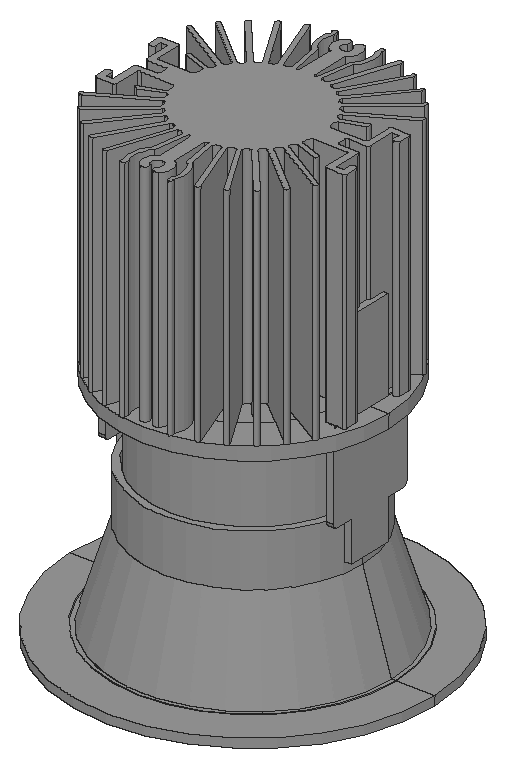
Revit family "Artemide_Everything_80", category Lighting Fixtures, Revit 2018
Family settings
  Round Connector Dimension = Use Diameter
  Part Type = Normal
  Work Plane-Based = Yes
  Always vertical = Yes
  Cut with Voids When Loaded = Yes
  Light Source = Yes
  Shared = No
  Room Calculation Point = No
Parameters (values of type "Everything_80_Round_Trim_23°_3000K_White/White_M251020")
  Wattage = 13 W
  built-in parameter 1150110 = 1 (stored number, unit not read)
  Voltage = "-"
  V_TrimlessSquare = no
  V_TrimlessRound = no
  V_TrimSquare = no
  V_TrimRound = yes
  V_Square = no
  V_Round = yes
  built-in parameter 1114217 = 1 (stored number, unit not read)
  Tilt Angle = 60.00°
  built-in parameter 1150109 = 1 (stored number, unit not read)
  built-in parameter 1150134 = (empty or 0)
  built-in parameter 1150113 = 1 (stored number, unit not read)
  Radius_RoundVoidReal = if(V_Square, 0.3 mm, Radius_RoundVoid)  # 31.6 mm
  Radius_RoundVoid = 31.6 mm
  Product Range = "Everything"
  Photometric Web File = "M251020.IES"
  Min Angle Light [instance] = 60.00°  # constant formula
  Max Height from ceiling = 0 mm
  Max Angle Light [instance] = 120.00°  # constant formula
  M_TrimlessElement = Artemide_Aluminum_Anodized
  M_Trim = Artemide_Aluminum_White
  M_StructuralHousing = Artemide_Aluminum_Black
  M_Louvre = Artemide_Aluminum_White
  M_HousingLed = Artemide_Aluminum_White
  M_Diffuser = Artemide_Glass_LightBulb
  built-in parameter 1150105 = 84.509 (stored number, unit not read)
  Lumens = 1061.97 lm
  built-in parameter 1150115 = 1 (stored number, unit not read)
  built-in parameter 1150137 = (empty or 0)
  built-in parameter 1150139 = (empty or 0)
  built-in parameter 1150112 = 1 (stored number, unit not read)
  built-in parameter 1150114 = 1 (stored number, unit not read)
  built-in parameter 1150132 = (empty or 0)
  built-in parameter 1150102 = (empty or 0)
  built-in parameter 1150107 = 3000 (stored number, unit not read)
  built-in parameter 1150138 = (empty or 0)
  built-in parameter 1150106 = 0.84509 (stored number, unit not read)
  IfcExportType = "NOT DEFINED"  # constant formula
  IfcExportAs = "IfcLightFixtureType"  # constant formula
  Weekly = "-"
  Warranty ID = "https://cloud.artemide.com/5-years-warranty"
  Upward Component  = 0
  Unified Glare Rating  = "-"
  Uniclass 2015 = "Pr_70_70_48"  # constant formula
  URL to O&M Manual = "https://www.artemide.com/contents/documenti/prodotto/everything_80_trim_instructions4367641.pdf"
  URL to Energy Technology List = "-"
  Trim Material = "Aluminium"
  Trim Finish = "Painted"
  Trim Colour  = "White"
  Total Power = 0
  Total Light Output  = 0
  Testing method = "-"
  Supply Phase = 0
  Suitable for Photocell Control = "-"
  Suitable for Motion Detector Control = "N"
  Suitable for Dimming  = "-"
  Suitable Dimmer Type = "-"
  Standards = "-"
  Shipping Weight = 0
  Service life  = "-"
  Secondary Rated Lamp Life = 0
  Secondary Lamp Voltage = 0
  Secondary Lamp International Type Code = "-"
  Secondary Lamp Initial Lumens  = 0
  Secondary Lamp Included = "-"
  Secondary Lamp Efficacy = 0
  Secondary Lamp Colour Temperature = 0
  Secondary Lamp Colour Rendering Index = 0
  Secondary Lamp Cap = "-"
  Secondary Lamp = "N"
  Responsible Sourcing of Materials = "-"
  Responsible Extraction of Materials = "-"
  Reflector Material = "-"
  Reflector Finish = "-"
  Rated Lamp Life = 50000
  Quarterly = "-"
  Product Model Number = "M278620"
  Product Literature = "https://www.artemide.com/it/subfamily/2380637/everything-80-trim"
  Primary Lamp Type = "LED"
  Power Supply Kit = "-"
  Power Factor = 0
  Photocell = "-"
  Overall Width = 0
  Overall Light Output Ratio = 0
  Overall Length = 80
  Overall Height = 115
  Output Lumens Indirect light = 0
  Output Lumens Direct light = 1062
  Number of Secondary Lamps = 0
  Number of Primary Lamps = 1
  Number of Poles = 0
  Motion Sensor = "-"
  Motion Detector = "-"
  Monthly = "-"
  Minimum Operating Temperature = 0
  Maximum Operating Temperature = 0
  Material Ingredient Reporting = "-"
  Manufacturer Website = "https://www.artemide.com"
  Manufacturer = "Artemide"
  Maintenance Required: 8001-12000hrs  = "-"
  Maintenance Required: 601-1000hrs = "-"
  Maintenance Required: 4001-8000hrs  = "-"
  Maintenance Required: 301-600hrs  = "-"
  Maintenance Required: 2001-4000hrs  = "-"
  Maintenance Required: 1001-2000hrs  = "-"
  Maintenance Required: 0-300hrs  = "-"
  Luminance at 65deg Angle = 0
  Luminaire Type = "Floodlight"
  Luminaire Maintenance Factor = 0
  Luminaire Cleaning Interval  = "-"
  Louvre/Lens = "-"
  Location of Manufacturer = "-"
  Light Output Pattern = "-"
  Light Fixture Mounting Type = "Recessed"
  Life Cycle Analysis = "-"
  Lamp Survival Factor = "-"
  Lamp Replacement Interval = "-"
  Lamp Included = "Y"
  Lamp Holder Material = "-"
  Lamp Cap = "LED Integrated"
  LED lifetime = 50000
  LED Maintained Colour Variation         = 0
  LED Initial Colour Variation                      = 0
  International Type Code = "-"
  Intended Market = "Unset"
  Integral Fuse or Circuit Protection  = "-"
  Integral Emergency Lighting Battery Type = "-"
  Input Lumens Indirect light = 0
  Input Lumens Direct light = 1390
  Initial Lumens = 1062
  Infills = "-"
  IP Rating = "IP20/44"
  IK Rating = "-"
  IES Files  = "https://www.artemide.com/product/downloadFile/2381452/ieseu/4916929"
  Housing Material = "Aluminium"
  Housing Finish  = "Painted"
  Housing Colour  = "White"
  Hazardous Area Protection Type = "-"
  Hazardous Area Category = "-"
  Gross Weight = 0
  Green Guide for Specification = "-"
  Gasket Material = "-"
  Frequency  = 0
  Fixings = "-"
  Fixing Material = "-"
  Fire Shroud = "-"
  Fire Rating Duration = 0
  Fire Rated Temperature = 0
  Fire Rated = "-"
  Features = "Any additional components/accessories included in this file are required to complete the product/configuration and must be ordered separately.Please check the catalogue/dedicated brochure for more information"
  Face Width = 0
  Face Shape = "Round"
  Face Length = 0
  External Control Line Voltage = 0
  Expected Life = "-"
  Environmental Product Declaration = "-"
  End Caps/Transition Caps/Joints = "-"
  Emit from Circle Diameter = 38 mm
  Emit Shape Visible in Rendering = no
  Emergency light output percentage = 0
  Emergency Lighting Battery = "-"
  Emergency Charging Power       = 0
  Emergency = "N"
  Embodied Carbon  = 0
  Efficiency = 76
  built-in parameter 1150104 = 7.5892 (stored number, unit not read)
  Earth Point  = "-"
  ENEC Certification of European conformity = "N"
  Duration of Integral Emergency Lighting  = 0
  Drive Current                                          = 0
  Downward Component = 0
  Distance_SquareVoidReal = if(V_Round, 0.8 mm, Distance_SquareVoid)  # 0.8 mm
  Distance_SquareVoid = 63.2 mm
  Dimming Lamp Color Temperature Shift = <None>
  Diffusing screen = "-"
  Diffuser Material  = "-"
  Diffuser Finish = "-"
  Designed by = "Ernesto Gismondi"
  Default Elevation = 1219.2 mm
  Daylight Sensor = "-"
  Daily = "-"
  Cut Out Width = 60
  Cut Out Length = 115
  Current  = 0
  Control Gear Type = "-"
  Control Gear Standby Power  = 0
  Control Gear Required = "-"
  Control Gear Location = "-"
  Column = "-"
  Colour Temperature = 3000
  Colour Rendering Index = 90
  Color Filter = 16777215
  Cable Material = "-"
  CE Approval = "Y"
  Bespoke Timeframe = "-"
  Beam Angle Transverse Axis  = 0.00°
  Beam Angle Longditudinal Axis  = 0.00°
  Basis of lifetime luminaire failures        = 0
  Basis of lifetime lumen depreciation   = 0
  built-in parameter 1114218 = 1 (stored number, unit not read)
  built-in parameter 1150133 = 10 (stored number, unit not read)
  Application Environment = "Internal"
  Annually = "-"
  Angle_LightReal [instance] = if(not(Adjustable), 90.00°, Angle_LightRange)  # 90.00°
  Angle_LightRange [instance] = if(Angle_Light < Angle_LightMin, Min Angle Light, if(Angle_Light > Angle_LightMax, Max Angle Light, Angle_Light))  # 60.00°
  Angle_LightMin [instance] = Angle_LightMax - 60.00°  # 60.00°
  Angle_LightMax [instance] = 120.00°  # constant formula
  Angle_LightFixed [instance] = 90.00°  # constant formula
  Angle_Light [instance] = 60.00°
  Ambient Temperature                             = 0
  Air Handling = "-"
  Adjustable = no
  Access Clearance Top = 0
  Access Clearance Right = 0
  Access Clearance Rear = 0
  Access Clearance Left = 0
  Access Clearance Front = 0
  Access Clearance Bottom = 0
  6 Monthly = "-"
Reference planes
  plane 1 "Center (Front/Back)": y = 0
  plane 2: z = 0
  plane 3 "Center (Left/Right)": x = 0
  plane 4: y = 5
  plane 5: y = 10
  plane 6: y = -5
  plane 7: y = -10
  plane 8: y = 29
  plane 9: y = -29
  plane 10 "Bottom Lamp": z = -2
  plane 11 "Center L/T": z = 32
  plane 12 "Center L/U": z = 27
  plane 13 "Center L/V": z = 49
  plane 14 "Center L/W": z = 47.75
  plane 15 "Center L/X": z = 52
  plane 16 "Center L/Y": z = 102
  plane 17: x = -40.058
  plane 18: x = -24.311
  plane 19: x = -22.807
  plane 20: x = -21.057
  plane 21: x = -18.993
  plane 22: x = -30.058
  plane 23 "Center L/Z": z = 28
  plane 24: x = 40.058
  plane 25: x = 24.311
  plane 26: x = 22.807
  plane 27: x = 21.057
  plane 28: x = 18.993
  plane 29: x = 30.058
  plane 30: x = -31.558
  plane 31: x = 31.558
  plane 32: x = -22.382
  plane 33: x = 22.382
  plane 34 "Center L/BB": z = 50.5
  plane 35: x = -25.811
  plane 36: x = 25.811
  plane 37 "Center L/CC": z = 20.445
  plane 38 "Center L/DD": z = 72
  plane 39 "Center L/EE": z = 25.577
  plane 40: x = -29.002
  plane 41: x = 29.002
  plane 42: y = 23.75
  plane 43: y = -23.75
  plane 44: x = -23.752
  plane 45: x = 23.752
  plane 46 "Center L/GG": z = 23.071
  plane 47 "Center L/HH": z = 2.771
  plane 48: x = -33.788
  plane 49: x = -49.976
  plane 50: x = 33.788
  plane 51: x = 49.976
  plane 52: y = 31.6
  plane 53: y = -31.6
  plane 54 "Void": y = 0.4
  plane 55 "Void 2": y = -0.4
  plane 56 "Void 3": x = -0.4
  plane 57 "Void 4": x = 0.4
  plane 58 "Void 5": z = 1.971
Forms (mm)
  Revolve 1, solid, material "Artemide_Aluminum_White" <- "M_Louvre", visible <- "V_Round"
    sketch origin (0, 0, 0) x (1, 0, 0) y (0, 0, 1)
      loop
        line (-29.68, -2) -> (-21.057, 26) -> (-21.057, 27) -> (-22.807, 27) -> (-22.807, 32) -> (-24.311, 32) -> (-24.311, 20.445) -> (-30.607, 0) -> (-31.558, 0) -> (-31.558, -2) -> (-29.68, -2)
      axis (0, 32) -> (0, -2)
    angle from 0 to 360
  Revolve 2, solid, material "Artemide_Aluminum_White" <- "M_Trim", visible <- "V_TrimRound"
    sketch origin (0, 0, 0) x (1, 0, 0) y (0, 0, 1)
      loop
        line (-40.058, 0) -> (-40.058, -2) -> (-31.558, -2) -> (-31.558, 0) -> (-40.058, 0)
      axis (0, 0) -> (0, -2)
    angle from 0 to 360
  Revolve 3, solid, material "Artemide_Aluminum_White" <- "M_HousingLed"
    sketch origin (0, 0, 0) x (1, 0, 0) y (0, 0, 1)
      loop
        line (-30.058, 52) -> (-30.058, 49) -> (-22.382, 49) -> (-22.382, 27) -> (-18.993, 27) -> (-18.993, 30.4)
        arc (-18.993, 30.4) -> (-17.194, 40.205) -> (-10.678, 47.75) r 19.003
        line (-10.678, 47.75) -> (0, 47.75) -> (0, 50.5) -> (-22.058, 50.5) -> (-22.058, 52) -> (-30.058, 52)
      axis (0, 52) -> (0, 27)
    angle from 0 to 360
  Revolve 4, solid, material "Artemide_Glass_LightBulb" <- "M_Diffuser"
    sketch origin (0, 0, 0) x (1, 0, 0) y (0, 0, 1)
      loop
        line (-18.993, 28) -> (-18.993, 27) -> (0, 27) -> (0, 28) -> (-18.993, 28)
      axis (0, 28) -> (0, 27)
    angle from 0 to 360
  Extrusion 5, solid, material "Artemide_Aluminum_Black" <- "M_StructuralHousing"
    sketch origin (0, 0, 0) x (0, 1, 0) y (0, 0, 1)
      loop
        line (5, 72) -> (-5, 72) -> (-5, 52) -> (-9, 52)
        arc (-9, 52) -> (-9.707, 51.707) -> (-10, 51) r 1
        line (-10, 51) -> (-10, 33)
        arc (-10, 33) -> (-9.707, 32.293) -> (-9, 32) r 1
        line (-9, 32) -> (-5, 32) -> (-5, 23.071) -> (5, 23.071) -> (5, 32) -> (9.025, 32)
        arc (9.025, 32) -> (9.714, 32.286) -> (10, 32.975) r 0.975
        line (10, 32.975) -> (10, 51)
        arc (10, 51) -> (9.707, 51.707) -> (9, 52) r 1
        line (9, 52) -> (5, 52) -> (5, 72)
    from -25.811 to -24.311
  Extrusion 6, solid, material "Artemide_Aluminum_Black" <- "M_StructuralHousing"
    sketch origin (0, 0, 0) x (0, 1, 0) y (0, 0, -1)
      loop
        line (5, -72) -> (5, -52) -> (9, -52)
        arc (9, -52) -> (9.707, -51.707) -> (10, -51) r 1
        line (10, -51) -> (10, -32.975)
        arc (10, -32.975) -> (9.714, -32.286) -> (9.025, -32) r 0.975
        line (9.025, -32) -> (5, -32) -> (5, -23.071) -> (-5, -23.071) -> (-5, -32) -> (-9, -32)
        arc (-9, -32) -> (-9.707, -32.293) -> (-10, -33) r 1
        line (-10, -33) -> (-10, -51)
        arc (-10, -51) -> (-9.707, -51.707) -> (-9, -52) r 1
        line (-9, -52) -> (-5, -52) -> (-5, -72) -> (5, -72)
    from -25.811 to -24.311
  Revolve 7, solid, material "Artemide_Aluminum_White" <- "M_Louvre", visible <- "V_Square"
    sketch origin (0, 0, 0) x (1, 0, 0) y (0, 0, 1)
      loop
        line (-24.311, 32) -> (-24.311, 25.577) -> (-22.807, 25.577) -> (-22.807, 32) -> (-24.311, 32)
      axis (0, 32) -> (0, 25.577)
    angle from 0 to 360
  Sweep 8, solid, material "Artemide_Aluminum_White" <- "M_Louvre", visible <- "V_Square"
    path origin (0, 0, -2) x (-1, 0, 0) y (0, -1, 0)
      loop
        line (29.002, -29) -> (29.002, 29) -> (-29.002, 29) -> (-29.002, -29) -> (29.002, -29)
    profile origin (0, 29, -2) x (0, 1, 0) y (0, 0, 1)
      loop
        line (2.558, 0) -> (2.558, 2) -> (1.309, 2)
        arc (1.309, 2) -> (0.154, 12.366) -> (-2.532, 22.445) r 69.857
        arc (-2.532, 22.445) -> (-3.696, 25.115) -> (-5.25, 27.577) r 19.187
        line (-5.25, 27.577) -> (-7.165, 27.577)
        arc (-7.165, 27.577) -> (-5.297, 24.913) -> (-3.948, 21.952) r 17.687
        arc (-3.948, 21.952) -> (-1.148, 11.132) -> (-0.147, 0) r 68.357
        line (-0.147, 0) -> (2.558, 0)
  Extrusion 9, solid, material "Artemide_Aluminum_White" <- "M_Louvre", visible <- "V_Square"
    sketch origin (0, 0, -2) x (-1, 0, 0) y (0, -1, 0)
      loop
        line (23.752, -23.75) -> (23.752, 23.75) -> (-23.752, 23.75) -> (-23.752, -23.75) -> (23.752, -23.75)
      loop
        circle (0, 0) r 18.993
    from 27.577 to 29
  Sweep 10, solid, material "Artemide_Aluminum_White" <- "M_Trim", visible <- "V_TrimSquare"
    path origin (0, 0, -2) x (-1, 0, 0) y (0, -1, 0)
      loop
        line (29.002, -29) -> (29.002, 29) -> (-29.002, 29) -> (-29.002, -29) -> (29.002, -29)
    profile origin (0, 29, -2) x (0, 1, 0) y (0, 0, 1)
      loop
        line (11.058, 2) -> (2.558, 2) -> (2.558, 0) -> (11.058, 0) -> (11.058, 2)
  Revolve 11, solid, material "Artemide_Aluminum_Anodized" <- "M_TrimlessElement", visible <- "V_TrimlessRound"
    sketch origin (0, 0, 0) x (1, 0, 0) y (0, 0, 1)
      loop
        line (-49.976, 1.971) -> (-31.558, 1.971) -> (-31.558, 23.071) -> (-33.788, 23.071) -> (-33.788, 2.771) -> (-49.976, 2.771) -> (-49.976, 1.971)
      axis (0, 23.071) -> (0, 1.971)
    angle from 0 to 360
  Sweep 12, solid, material "Artemide_Aluminum_Anodized" <- "M_TrimlessElement", visible <- "V_TrimlessSquare"
    path origin (0, 0, 0) x (1, 0, 0) y (0, 1, 0)
      loop
        line (-31.558, 31.6) -> (-31.558, -31.6) -> (31.558, -31.6) -> (31.558, 31.6) -> (-31.558, 31.6)
    profile origin (0, 31.6, 0) x (0, 1, 0) y (0, 0, 1)
      loop
        line (0, 1.971) -> (18.4, 1.971) -> (18.4, 2.771) -> (2.188, 2.771) -> (2.188, 23.071) -> (0, 23.071) -> (0, 1.971)
  Extrusion 13, void
    sketch origin (0, 0, 0) x (1, 0, 0) y (0, 1, 0)
      loop
        circle (0, 0) r 31.6
    from 0 to 102
  Extrusion 14, solid, material "Artemide_Aluminum_Black" <- "M_StructuralHousing"
    sketch origin (0, 0, 0) x (1, 0, 0) y (0, 1, 0)
      loop
        line (-1.599, 23.402) -> (-1.599, 15.37)
        arc (-1.599, 15.37) -> (-1.785, 14.969) -> (-2.21, 14.851) r 0.526
        line (-2.21, 14.851) -> (-3.536, 22.368)
        arc (-3.536, 22.368) -> (-5.009, 25.056) -> (-4.637, 28.099) r 5
        line (-4.637, 28.099) -> (-4.73, 29.139)
        arc (-4.73, 29.139) -> (-5.499, 29.468) -> (-5.492, 28.631) r 0.5
        arc (-5.492, 28.631) -> (-6.031, 25.098) -> (-4.466, 21.885) r 6
        line (-4.466, 21.885) -> (-3.278, 15.146)
        arc (-3.278, 15.146) -> (-3.982, 14.489) -> (-4.92, 14.706) r 1.025
        line (-4.92, 14.706) -> (-9.719, 27.892)
        arc (-9.719, 27.892) -> (-10.36, 28.191) -> (-10.659, 27.549) r 0.5
        line (-10.659, 27.549) -> (-5.859, 14.364)
        arc (-5.859, 14.364) -> (-6.439, 13.595) -> (-7.4, 13.645) r 1.025
        line (-7.4, 13.645) -> (-14.417, 25.798)
        arc (-14.417, 25.798) -> (-15.1, 25.981) -> (-15.282, 25.298) r 0.5
        line (-15.282, 25.298) -> (-8.266, 13.145)
        arc (-8.266, 13.145) -> (-8.701, 12.284) -> (-9.659, 12.17) r 1.02
        line (-9.659, 12.17) -> (-18.679, 22.92)
        arc (-18.679, 22.92) -> (-19.383, 22.981) -> (-19.445, 22.277) r 0.5
        line (-19.445, 22.277) -> (-10.425, 11.528)
        arc (-10.425, 11.528) -> (-10.642, 10.543) -> (-11.627, 10.325) r 0.937
        line (-11.627, 10.325) -> (-22.376, 19.345)
        arc (-22.376, 19.345) -> (-23.08, 19.284) -> (-23.02, 18.58) r 0.5
        line (-23.02, 18.58) -> (-12.27, 9.559)
        arc (-12.27, 9.559) -> (-12.415, 8.559) -> (-13.375, 8.242) r 0.961
        line (-13.375, 8.242) -> (-25.397, 15.183)
        arc (-25.397, 15.183) -> (-26.08, 15) -> (-25.897, 14.317) r 0.5
        line (-25.897, 14.317) -> (-13.745, 7.301)
        arc (-13.745, 7.301) -> (-13.677, 6.331) -> (-14.463, 5.76) r 1.002
        line (-14.463, 5.76) -> (-19.429, 7.567)
        arc (-19.429, 7.567) -> (-20.069, 7.268) -> (-19.77, 6.628) r 0.5
        line (-19.77, 6.628) -> (-14.805, 4.82)
        arc (-14.805, 4.82) -> (-14.667, 3.576) -> (-15.306, 2.5) r 1.971
        line (-15.306, 2.5) -> (-22.599, 2.5)
        arc (-22.599, 2.5) -> (-22.953, 2.646) -> (-23.099, 3) r 0.5
        line (-23.099, 3) -> (-23.099, 8.5)
        arc (-23.099, 8.5) -> (-23.246, 8.854) -> (-23.599, 9) r 0.5
        line (-23.599, 9) -> (-27.099, 9)
        arc (-27.099, 9) -> (-27.453, 8.854) -> (-27.599, 8.5) r 0.5
        line (-27.599, 8.5) -> (-27.599, 6)
        arc (-27.599, 6) -> (-26.849, 5.493) -> (-26.099, 6) r 0.808
        line (-26.099, 6) -> (-26.099, 7.5) -> (-24.599, 7.5) -> (-24.599, 1.75)
        arc (-24.599, 1.75) -> (-24.453, 1.396) -> (-24.099, 1.25) r 0.5
        line (-24.099, 1.25) -> (-20.099, 1.25)
        arc (-20.099, 1.25) -> (-19.746, 1.104) -> (-19.599, 0.75) r 0.5
        line (-19.599, 0.75) -> (-19.599, -0.75)
        arc (-19.599, -0.75) -> (-19.746, -1.104) -> (-20.099, -1.25) r 0.5
        line (-20.099, -1.25) -> (-24.099, -1.25)
        arc (-24.099, -1.25) -> (-24.453, -1.396) -> (-24.599, -1.75) r 0.5
        line (-24.599, -1.75) -> (-24.599, -7.5) -> (-26.099, -7.5) -> (-26.099, -6)
        arc (-26.099, -6) -> (-26.849, -5.493) -> (-27.599, -6) r 0.808
        line (-27.599, -6) -> (-27.599, -8.5)
        arc (-27.599, -8.5) -> (-27.453, -8.854) -> (-27.099, -9) r 0.5
        line (-27.099, -9) -> (-23.599, -9)
        arc (-23.599, -9) -> (-23.246, -8.854) -> (-23.099, -8.5) r 0.5
        line (-23.099, -8.5) -> (-23.099, -3)
        arc (-23.099, -3) -> (-22.953, -2.646) -> (-22.599, -2.5) r 0.5
        line (-22.599, -2.5) -> (-15.306, -2.5)
        arc (-15.306, -2.5) -> (-14.667, -3.576) -> (-14.805, -4.82) r 1.971
        line (-14.805, -4.82) -> (-19.77, -6.628)
        arc (-19.77, -6.628) -> (-20.069, -7.268) -> (-19.429, -7.567) r 0.5
        line (-19.429, -7.567) -> (-14.463, -5.76)
        arc (-14.463, -5.76) -> (-13.677, -6.331) -> (-13.745, -7.301) r 1.002
        line (-13.745, -7.301) -> (-25.897, -14.317)
        arc (-25.897, -14.317) -> (-26.08, -15) -> (-25.397, -15.183) r 0.5
        line (-25.397, -15.183) -> (-13.375, -8.242)
        arc (-13.375, -8.242) -> (-12.415, -8.559) -> (-12.27, -9.559) r 0.961
        line (-12.27, -9.559) -> (-23.02, -18.58)
        arc (-23.02, -18.58) -> (-23.08, -19.284) -> (-22.376, -19.345) r 0.5
        line (-22.376, -19.345) -> (-11.627, -10.325)
        arc (-11.627, -10.325) -> (-10.642, -10.543) -> (-10.425, -11.528) r 0.937
        line (-10.425, -11.528) -> (-19.445, -22.277)
        arc (-19.445, -22.277) -> (-19.383, -22.981) -> (-18.679, -22.92) r 0.5
        line (-18.679, -22.92) -> (-9.659, -12.17)
        arc (-9.659, -12.17) -> (-8.701, -12.284) -> (-8.266, -13.145) r 1.02
        line (-8.266, -13.145) -> (-15.282, -25.298)
        arc (-15.282, -25.298) -> (-15.1, -25.981) -> (-14.417, -25.798) r 0.5
        line (-14.417, -25.798) -> (-7.4, -13.645)
        arc (-7.4, -13.645) -> (-6.439, -13.595) -> (-5.859, -14.364) r 1.025
        line (-5.859, -14.364) -> (-10.659, -27.549)
        arc (-10.659, -27.549) -> (-10.36, -28.191) -> (-9.719, -27.892) r 0.5
        line (-9.719, -27.892) -> (-4.92, -14.706)
        arc (-4.92, -14.706) -> (-3.982, -14.489) -> (-3.278, -15.146) r 1.025
        line (-3.278, -15.146) -> (-4.466, -21.885)
        arc (-4.466, -21.885) -> (-6.031, -25.098) -> (-5.492, -28.631) r 6
        arc (-5.492, -28.631) -> (-5.499, -29.468) -> (-4.73, -29.139) r 0.5
        line (-4.73, -29.139) -> (-4.637, -28.099)
        arc (-4.637, -28.099) -> (-5.009, -25.056) -> (-3.536, -22.368) r 5
        line (-3.536, -22.368) -> (-2.21, -14.851)
        arc (-2.21, -14.851) -> (-1.785, -14.969) -> (-1.599, -15.37) r 0.526
        line (-1.599, -15.37) -> (-1.599, -23.402)
        arc (-1.599, -23.402) -> (-3.087, -25.73) -> (-2.041, -28.287) r 3
        arc (-2.041, -28.287) -> (-0.807, -28.186) -> (-0.908, -26.953) r 0.875
        arc (-0.908, -26.953) -> (-0.099, -24.75) -> (0.709, -26.953) r 1.25
        arc (0.709, -26.953) -> (0.762, -28.234) -> (2.043, -28.285) r 0.946
        arc (2.043, -28.285) -> (3.087, -25.729) -> (1.599, -23.402) r 3
        line (1.599, -23.402) -> (1.599, -15.37)
        arc (1.599, -15.37) -> (1.785, -14.969) -> (2.21, -14.851) r 0.526
        line (2.21, -14.851) -> (3.536, -22.368)
        arc (3.536, -22.368) -> (5.009, -25.056) -> (4.637, -28.099) r 5
        line (4.637, -28.099) -> (4.73, -29.139)
        arc (4.73, -29.139) -> (5.499, -29.468) -> (5.492, -28.631) r 0.5
        arc (5.492, -28.631) -> (6.031, -25.098) -> (4.466, -21.885) r 6
        line (4.466, -21.885) -> (3.278, -15.146)
        arc (3.278, -15.146) -> (3.982, -14.489) -> (4.92, -14.706) r 1.025
        line (4.92, -14.706) -> (9.719, -27.892)
        arc (9.719, -27.892) -> (10.36, -28.191) -> (10.659, -27.549) r 0.5
        line (10.659, -27.549) -> (5.859, -14.364)
        arc (5.859, -14.364) -> (6.439, -13.595) -> (7.4, -13.645) r 1.025
        line (7.4, -13.645) -> (14.417, -25.798)
        arc (14.417, -25.798) -> (15.1, -25.981) -> (15.282, -25.298) r 0.5
        line (15.282, -25.298) -> (8.266, -13.145)
        arc (8.266, -13.145) -> (8.701, -12.284) -> (9.659, -12.17) r 1.02
        line (9.659, -12.17) -> (18.679, -22.92)
        arc (18.679, -22.92) -> (19.383, -22.981) -> (19.445, -22.277) r 0.5
        line (19.445, -22.277) -> (10.425, -11.528)
        arc (10.425, -11.528) -> (10.642, -10.543) -> (11.627, -10.325) r 0.937
        line (11.627, -10.325) -> (22.376, -19.345)
        arc (22.376, -19.345) -> (23.08, -19.284) -> (23.02, -18.58) r 0.5
        line (23.02, -18.58) -> (12.27, -9.559)
        arc (12.27, -9.559) -> (12.415, -8.559) -> (13.375, -8.242) r 0.961
        line (13.375, -8.242) -> (25.397, -15.183)
        arc (25.397, -15.183) -> (26.08, -15) -> (25.897, -14.317) r 0.5
        line (25.897, -14.317) -> (13.745, -7.301)
        arc (13.745, -7.301) -> (13.677, -6.331) -> (14.463, -5.76) r 1.002
        line (14.463, -5.76) -> (19.429, -7.567)
        arc (19.429, -7.567) -> (20.069, -7.268) -> (19.77, -6.628) r 0.5
        line (19.77, -6.628) -> (14.805, -4.82)
        arc (14.805, -4.82) -> (14.667, -3.576) -> (15.306, -2.5) r 1.971
        line (15.306, -2.5) -> (22.599, -2.5)
        arc (22.599, -2.5) -> (22.953, -2.646) -> (23.099, -3) r 0.5
        line (23.099, -3) -> (23.099, -8.5)
        arc (23.099, -8.5) -> (23.246, -8.854) -> (23.599, -9) r 0.5
        line (23.599, -9) -> (27.099, -9)
        arc (27.099, -9) -> (27.453, -8.854) -> (27.599, -8.5) r 0.5
        line (27.599, -8.5) -> (27.599, -6)
        arc (27.599, -6) -> (26.849, -5.493) -> (26.099, -6) r 0.808
        line (26.099, -6) -> (26.099, -7.5) -> (24.599, -7.5) -> (24.599, -1.75)
        arc (24.599, -1.75) -> (24.453, -1.396) -> (24.099, -1.25) r 0.5
        line (24.099, -1.25) -> (20.099, -1.25)
        arc (20.099, -1.25) -> (19.746, -1.104) -> (19.599, -0.75) r 0.5
        line (19.599, -0.75) -> (19.599, 0.75)
        arc (19.599, 0.75) -> (19.746, 1.104) -> (20.099, 1.25) r 0.5
        line (20.099, 1.25) -> (24.099, 1.25)
        arc (24.099, 1.25) -> (24.453, 1.396) -> (24.599, 1.75) r 0.5
        line (24.599, 1.75) -> (24.599, 7.5) -> (26.099, 7.5) -> (26.099, 6)
        arc (26.099, 6) -> (26.849, 5.493) -> (27.599, 6) r 0.808
        line (27.599, 6) -> (27.599, 8.5)
        arc (27.599, 8.5) -> (27.453, 8.854) -> (27.099, 9) r 0.5
        line (27.099, 9) -> (23.599, 9)
        arc (23.599, 9) -> (23.246, 8.854) -> (23.099, 8.5) r 0.5
        line (23.099, 8.5) -> (23.099, 3)
        arc (23.099, 3) -> (22.953, 2.646) -> (22.599, 2.5) r 0.5
        line (22.599, 2.5) -> (15.306, 2.5)
        arc (15.306, 2.5) -> (14.667, 3.576) -> (14.805, 4.82) r 1.971
        line (14.805, 4.82) -> (19.77, 6.628)
        arc (19.77, 6.628) -> (20.069, 7.268) -> (19.429, 7.567) r 0.5
        line (19.429, 7.567) -> (14.463, 5.76)
        arc (14.463, 5.76) -> (13.677, 6.331) -> (13.745, 7.301) r 1.002
        line (13.745, 7.301) -> (25.897, 14.317)
        arc (25.897, 14.317) -> (26.08, 15) -> (25.397, 15.183) r 0.5
        line (25.397, 15.183) -> (13.375, 8.242)
        arc (13.375, 8.242) -> (12.415, 8.559) -> (12.27, 9.559) r 0.961
        line (12.27, 9.559) -> (23.02, 18.58)
        arc (23.02, 18.58) -> (23.08, 19.284) -> (22.376, 19.345) r 0.5
        line (22.376, 19.345) -> (11.627, 10.325)
        arc (11.627, 10.325) -> (10.642, 10.543) -> (10.425, 11.528) r 0.937
        line (10.425, 11.528) -> (19.445, 22.277)
        arc (19.445, 22.277) -> (19.383, 22.981) -> (18.679, 22.92) r 0.5
        line (18.679, 22.92) -> (9.659, 12.17)
        arc (9.659, 12.17) -> (8.701, 12.284) -> (8.266, 13.145) r 1.02
        line (8.266, 13.145) -> (15.282, 25.298)
        arc (15.282, 25.298) -> (15.1, 25.981) -> (14.417, 25.798) r 0.5
        line (14.417, 25.798) -> (7.4, 13.645)
        arc (7.4, 13.645) -> (6.439, 13.595) -> (5.859, 14.364) r 1.025
        line (5.859, 14.364) -> (10.659, 27.549)
        arc (10.659, 27.549) -> (10.36, 28.191) -> (9.719, 27.892) r 0.5
        line (9.719, 27.892) -> (4.92, 14.706)
        arc (4.92, 14.706) -> (3.982, 14.489) -> (3.278, 15.146) r 1.025
        line (3.278, 15.146) -> (4.466, 21.885)
        arc (4.466, 21.885) -> (6.031, 25.098) -> (5.492, 28.631) r 6
        arc (5.492, 28.631) -> (5.499, 29.468) -> (4.73, 29.139) r 0.5
        line (4.73, 29.139) -> (4.637, 28.099)
        arc (4.637, 28.099) -> (5.009, 25.056) -> (3.536, 22.368) r 5
        line (3.536, 22.368) -> (2.21, 14.851)
        arc (2.21, 14.851) -> (1.785, 14.969) -> (1.599, 15.37) r 0.526
        line (1.599, 15.37) -> (1.599, 23.402)
        arc (1.599, 23.402) -> (3.087, 25.729) -> (2.043, 28.285) r 3
        arc (2.043, 28.285) -> (0.762, 28.234) -> (0.709, 26.953) r 0.946
        arc (0.709, 26.953) -> (-0.099, 24.75) -> (-0.908, 26.953) r 1.25
        arc (-0.908, 26.953) -> (-0.807, 28.186) -> (-2.041, 28.287) r 0.875
        arc (-2.041, 28.287) -> (-3.087, 25.73) -> (-1.599, 23.402) r 3
    from 52 to 102
  Extrusion 15, void
    sketch origin (0, 0, 0) x (1, 0, 0) y (0, 1, 0)
      loop
        line (-0.4, 0.4) -> (-0.4, -0.4) -> (0.4, -0.4) -> (0.4, 0.4) -> (-0.4, 0.4)
    from 0 to 102
Cuts and joins
  joined: Sweep 8, Extrusion 9
Dimensions and locks
  plane 5 to plane 4 to plane 1 "Center (Front/Back)" = 5 mm locked, 5 mm locked
  plane 1 "Center (Front/Back)" to plane 6 to plane 7 = 5 mm locked, 5 mm locked
  plane 8 to plane 42 to plane 1 "Center (Front/Back)" = 5.25 mm locked, 23.75 mm locked
  plane 9 to plane 43 to plane 1 "Center (Front/Back)" = 5.25 mm locked, 23.75 mm locked
  locked: plane 2 to plane 10 "Bottom Lamp" at 2
  locked: plane 16 "Center L/Y" to plane 2 at 102
  plane 16 "Center L/Y" to plane 15 "Center L/X" to plane 34 "Center L/BB" to plane 13 "Center L/V" to plane 14 "Center L/W" to plane 11 "Center L/T" to plane 23 "Center L/Z" to plane 12 "Center L/U" to plane 39 "Center L/EE" to plane 46 "Center L/GG" to plane 47 "Center L/HH" to plane 58 "Void 5" = 50 mm locked, 1.5 mm locked, 1.5 mm locked, 1.25 mm locked, 15.75 mm locked, 4 mm locked, 1 mm locked, 1.423 mm locked, 2.506 mm locked, 20.3 mm locked, 0.8 mm locked
  plane 3 "Center (Left/Right)" to plane 21 to plane 20 to plane 32 to plane 19 to plane 18 to plane 35 to plane 40 to plane 22 to plane 30 to plane 48 to plane 17 to plane 49 = 18.993 mm locked, 2.064 mm locked, 1.325 mm locked, 0.425 mm locked, 1.504 mm locked, 1.5 mm locked, 3.19 mm locked, 1.056 mm locked, 1.5 mm locked, 2.231 mm locked, 6.269 mm locked, 9.919 mm locked
  plane 3 "Center (Left/Right)" to plane 28 to plane 27 to plane 33 to plane 26 to plane 25 to plane 36 to plane 41 to plane 29 to plane 31 to plane 50 to plane 24 to plane 51 = 18.993 mm locked, 2.064 mm locked, 1.325 mm locked, 0.425 mm locked, 1.504 mm locked, 1.5 mm locked, 3.19 mm locked, 1.056 mm locked, 1.5 mm locked, 2.231 mm locked, 6.269 mm locked, 9.919 mm locked
  locked: plane 12 "Center L/U" to plane 37 "Center L/CC" at 6.555
  locked: plane 38 "Center L/DD" to plane 15 "Center L/X" at 20
  locked: plane 44 to plane 3 "Center (Left/Right)" at 23.752
  locked: plane 45 to plane 3 "Center (Left/Right)" at 23.752
  locked: plane 52 to plane 1 "Center (Front/Back)" at 31.6
  locked: plane 53 to plane 1 "Center (Front/Back)" at 31.6
  equal spacing: plane 54 "Void", plane 1 "Center (Front/Back)", plane 55 "Void 2"
  "Distance_SquareVoidReal": plane 54 "Void" to plane 55 "Void 2"
  equal spacing: plane 56 "Void 3", plane 3 "Center (Left/Right)", plane 57 "Void 4"
  "Distance_SquareVoidReal": plane 56 "Void 3" to plane 57 "Void 4"
  "Radius_RoundVoidReal": radius of Extrusion 13 sketch curve
  aligned and locked: level to plane 2
  aligned and locked: Revolve 1 sketch curve to plane 2
  aligned and locked: plane 10 "Bottom Lamp" to Revolve 1 sketch curve
  aligned and locked: Revolve 1 sketch curve to plane 18
  aligned and locked: Revolve 1 sketch curve to plane 11 "Center L/T"
  aligned and locked: plane 19 to Revolve 1 sketch curve
  aligned and locked: Revolve 1 sketch curve to plane 12 "Center L/U"
  aligned and locked: plane 20 to Revolve 1 sketch curve
  aligned and locked: Revolve 1 sketch curve to plane 3 "Center (Left/Right)"
  aligned and locked: Revolve 1 sketch curve to plane 30
  aligned and locked: Revolve 2 sketch curve to plane 17
  aligned and locked: Revolve 2 sketch curve to plane 2
  aligned and locked: plane 30 to Revolve 2 sketch curve
  aligned and locked: plane 10 "Bottom Lamp" to Revolve 2 sketch curve
  aligned and locked: Revolve 2 sketch curve to plane 3 "Center (Left/Right)"
  aligned and locked: plane 22 to Revolve 3 sketch curve
  aligned and locked: plane 15 "Center L/X" to Revolve 3 sketch curve
  aligned and locked: plane 34 "Center L/BB" to Revolve 3 sketch curve
  aligned and locked: plane 3 "Center (Left/Right)" to Revolve 3 sketch curve
  aligned and locked: Revolve 3 sketch curve to plane 14 "Center L/W"
  aligned and locked: Revolve 3 sketch curve to plane 21
  aligned and locked: Revolve 3 sketch curve to plane 12 "Center L/U"
  aligned and locked: plane 32 to Revolve 3 sketch curve
  aligned and locked: Revolve 3 sketch curve to plane 13 "Center L/V"
  aligned and locked: Revolve 3 sketch curve to plane 3 "Center (Left/Right)"
  aligned and locked: Revolve 4 sketch curve to plane 21
  aligned and locked: Revolve 4 sketch curve to plane 23 "Center L/Z"
  aligned and locked: Revolve 4 sketch curve to plane 3 "Center (Left/Right)"  (x2)
  aligned and locked: plane 12 "Center L/U" to Revolve 4 sketch curve
  aligned and locked: Extrusion 5 sketch curve to plane 38 "Center L/DD"
  aligned and locked: Extrusion 5 sketch curve to plane 6  (x2)
  aligned and locked: Extrusion 5 sketch curve to plane 15 "Center L/X"  (x2)
  aligned and locked: Extrusion 5 sketch curve to plane 7
  aligned and locked: plane 11 "Center L/T" to Extrusion 5 sketch curve  (x2)
  aligned and locked: Extrusion 5 sketch curve to plane 4  (x2)
  aligned and locked: Extrusion 5 sketch curve to plane 5
  aligned and locked: plane 35 to Extrusion 5
  aligned and locked: Extrusion 5 to plane 18
  aligned and locked: Extrusion 6 to plane 25
  aligned and locked: plane 36 to Extrusion 6
  aligned and locked: plane 38 "Center L/DD" to Extrusion 6 sketch curve
  aligned and locked: plane 4 to Extrusion 6 sketch curve  (x2)
  aligned and locked: plane 15 "Center L/X" to Extrusion 6 sketch curve  (x2)
  aligned and locked: plane 5 to Extrusion 6 sketch curve
  aligned and locked: Extrusion 6 sketch curve to plane 11 "Center L/T"  (x2)
  aligned and locked: plane 6 to Extrusion 6 sketch curve  (x2)
  aligned and locked: plane 7 to Extrusion 6 sketch curve
  aligned and locked: Revolve 7 sketch curve to plane 11 "Center L/T"
  aligned and locked: plane 19 to Revolve 7 sketch curve
  aligned and locked: Revolve 7 sketch curve to plane 18
  aligned and locked: Revolve 7 sketch curve to plane 3 "Center (Left/Right)"
  aligned and locked: plane 39 "Center L/EE" to Revolve 7 sketch curve
  aligned and locked: Sweep 8 sketch curve to plane 8
  aligned and locked: Sweep 8 sketch curve to plane 41
  aligned and locked: Sweep 8 sketch curve to plane 9
  aligned and locked: Sweep 8 sketch curve to plane 40
  aligned and locked: Sweep 8 sketch curve to plane 10 "Bottom Lamp"
  aligned and locked: Sweep 8 sketch curve to plane 2
  aligned and locked: Sweep 8 sketch curve to plane 39 "Center L/EE"
  aligned and locked: plane 3 "Center (Left/Right)" to Extrusion 9 sketch curve
  aligned and locked: plane 1 "Center (Front/Back)" to Extrusion 9 sketch curve
  aligned and locked: Extrusion 9 sketch curve to plane 42
  aligned and locked: Extrusion 9 sketch curve to plane 45
  aligned and locked: Extrusion 9 sketch curve to plane 43
  aligned and locked: Extrusion 9 sketch curve to plane 44
  aligned and locked: plane 12 "Center L/U" to Extrusion 9
  aligned and locked: Sweep 10 sketch curve to plane 9
  aligned and locked: Sweep 10 sketch curve to plane 41
  aligned and locked: Sweep 10 sketch curve to plane 40
  aligned and locked: Sweep 10 sketch curve to plane 8
  aligned and locked: Sweep 10 sketch curve to plane 2
  aligned and locked: plane 10 "Bottom Lamp" to Sweep 10 sketch curve
  aligned and locked: Revolve 11 sketch curve to plane 49
  aligned and locked: Revolve 11 sketch curve to plane 47 "Center L/HH"
  aligned and locked: Revolve 11 sketch curve to plane 48
  aligned and locked: Revolve 11 sketch curve to plane 46 "Center L/GG"
  aligned and locked: plane 30 to Revolve 11 sketch curve
  aligned and locked: Revolve 11 sketch curve to plane 3 "Center (Left/Right)"
  aligned and locked: plane 46 "Center L/GG" to Extrusion 5 sketch curve
  aligned and locked: Extrusion 6 sketch curve to plane 46 "Center L/GG"
  aligned and locked: Sweep 12 sketch curve to plane 52
  aligned and locked: Sweep 12 sketch curve to plane 31
  aligned and locked: Sweep 12 sketch curve to plane 53
  aligned and locked: Sweep 12 sketch curve to plane 30
  aligned and locked: Sweep 12 sketch curve to plane 46 "Center L/GG"
  aligned and locked: plane 52 to Sweep 12 sketch curve
  aligned and locked: Sweep 12 sketch curve to plane 47 "Center L/HH"
  aligned and locked: imposter light to plane 23 "Center L/Z"
  aligned and locked: plane 1 "Center (Front/Back)" to imposter light
  aligned and locked: plane 3 "Center (Left/Right)" to imposter light
  aligned and locked: plane 3 "Center (Left/Right)" to Extrusion 13 sketch curve
  aligned and locked: plane 1 "Center (Front/Back)" to Extrusion 13 sketch curve
  aligned and locked: Extrusion 13 to plane 2
  aligned and locked: plane 16 "Center L/Y" to Extrusion 13
  aligned and locked: Extrusion 14 to plane 15 "Center L/X"
  aligned and locked: plane 16 "Center L/Y" to Extrusion 14
  aligned and locked: Extrusion 15 sketch curve to plane 55 "Void 2"
  aligned and locked: Extrusion 15 sketch curve to plane 57 "Void 4"
  aligned and locked: Extrusion 15 sketch curve to plane 54 "Void"
  aligned and locked: Extrusion 15 sketch curve to plane 56 "Void 3"
  aligned and locked: Extrusion 15 to plane 2
  aligned and locked: plane 16 "Center L/Y" to Extrusion 15
  aligned and locked: plane 58 "Void 5" to Sweep 12 sketch curve
  aligned and locked: Revolve 11 sketch curve to plane 58 "Void 5"
Automatic sketch dimensions
  Revolve 1 sketch curve to plane 37 "Center L/CC" = 0 mm
  plane 22 to Revolve 1 sketch curve = 0.55 mm
  Revolve 1 sketch curve to plane 22 = 0.378 mm
  plane 39 "Center L/EE" to Revolve 1 sketch curve = 0.423 mm
  Revolve 1 sketch curve to plane 10 "Bottom Lamp" = 364.045 mm
  plane 16 "Center L/Y" to Revolve 1 sketch curve = 2112.315 mm
  Revolve 2 sketch curve to plane 10 "Bottom Lamp" = 364.045 mm
  plane 16 "Center L/Y" to Revolve 2 sketch curve = 2112.315 mm
  Revolve 3 sketch curve to plane 32 = 0.325 mm
  Revolve 3 sketch curve to plane 21 = 8.315 mm
  Revolve 3 sketch curve to plane 11 "Center L/T" = 0.008 mm
  Revolve 3 sketch curve to plane 3 "Center (Left/Right)" = 0.058 mm
  Revolve 3 sketch curve to plane 10 "Bottom Lamp" = 364.045 mm
  plane 16 "Center L/Y" to Revolve 3 sketch curve = 2112.315 mm
  Revolve 4 sketch curve to plane 10 "Bottom Lamp" = 364.045 mm
  plane 16 "Center L/Y" to Revolve 4 sketch curve = 2112.315 mm
  Extrusion 5 sketch curve to plane 7 = 1 mm  (x2)
  Extrusion 5 sketch curve to plane 5 = 1 mm
  Extrusion 5 sketch curve to plane 5 = 0.975 mm
  plane 11 "Center L/T" to Extrusion 5 sketch curve = 0.975 mm
  Extrusion 5 sketch curve to Extrusion 5 sketch curve = 0 mm
  Extrusion 6 sketch curve to plane 7 = 1 mm  (x2)
  Extrusion 6 sketch curve to plane 5 = 1 mm
  Extrusion 6 sketch curve to plane 5 = 0.975 mm
  plane 11 "Center L/T" to Extrusion 6 sketch curve = 0.975 mm
  Extrusion 6 sketch curve to Extrusion 6 sketch curve = 0 mm
  Revolve 7 sketch curve to plane 10 "Bottom Lamp" = 364.045 mm
  plane 16 "Center L/Y" to Revolve 7 sketch curve = 2112.315 mm
  Sweep 8 sketch curve to Sweep 8 sketch curve = 0 mm  (x4)
  Sweep 8 sketch curve to plane 10 "Bottom Lamp" = 0.531 mm
  profile plane to Sweep 8 sketch curve = 68.502 mm
  profile plane to Sweep 8 sketch curve = 20.651 mm
  profile plane to Sweep 8 sketch curve = 7.165 mm
  Sweep 8 sketch curve to Sweep 8 sketch curve = 1.915 mm
  profile plane to Sweep 8 sketch curve = 0.147 mm
  Sweep 8 sketch curve to profile plane = 1.309 mm
  Sweep 8 sketch curve to Sweep 8 sketch curve = 1.249 mm
  plane 10 "Bottom Lamp" to Sweep 8 sketch curve = 16.135 mm
  Sweep 10 sketch curve to profile plane = 2.558 mm
  Sweep 10 sketch curve to Sweep 10 sketch curve = 8.5 mm
  Revolve 11 sketch curve to plane 10 "Bottom Lamp" = 364.045 mm
  plane 16 "Center L/Y" to Revolve 11 sketch curve = 2112.315 mm
  Sweep 12 sketch curve to profile plane = 2.188 mm
  Sweep 12 sketch curve to Sweep 12 sketch curve = 16.212 mm
  Extrusion 14 sketch curve to Extrusion 14 sketch curve = 0 mm  (x48)
  Extrusion 14 sketch curve to plane 40 = 1.402 mm  (x2)
  Extrusion 14 sketch curve to Extrusion 14 sketch curve = 0.5 mm  (x7)
  Extrusion 14 sketch curve to Extrusion 14 sketch curve = 0.75 mm  (x4)
  plane 35 to Extrusion 14 sketch curve = 0.288 mm  (x2)
  plane 35 to Extrusion 14 sketch curve = 0.086 mm  (x2)
  Extrusion 14 sketch curve to plane 35 = 0.164 mm  (x2)
  Extrusion 14 sketch curve to plane 35 = 0.414 mm  (x2)
  plane 18 to Extrusion 14 sketch curve = 0.288 mm  (x2)
  Extrusion 14 sketch curve to plane 18 = 0.212 mm  (x2)
  Extrusion 14 sketch curve to plane 44 = 0.152 mm  (x2)
  plane 19 to Extrusion 14 sketch curve = 0.292 mm  (x2)
  plane 19 to Extrusion 14 sketch curve = 0.212 mm  (x2)
  Extrusion 14 sketch curve to plane 19 = 0.11 mm  (x2)
  Extrusion 14 sketch curve to plane 19 = 0.208 mm  (x2)
  Extrusion 14 sketch curve to plane 32 = 0.006 mm  (x2)
  Extrusion 14 sketch curve to plane 20 = 0.958 mm  (x2)
  plane 21 to Extrusion 14 sketch curve = 0.777 mm  (x2)
  Extrusion 14 sketch curve to Extrusion 14 sketch curve = 0.171 mm  (x4)
  plane 21 to Extrusion 14 sketch curve = 0.451 mm  (x2)
  plane 21 to Extrusion 14 sketch curve = 0.435 mm  (x2)
  plane 21 to Extrusion 14 sketch curve = 0.068 mm  (x2)
  Extrusion 14 sketch curve to plane 21 = 0.315 mm  (x2)
  Extrusion 14 sketch curve to plane 4 = 1.008 mm
  Extrusion 14 sketch curve to plane 21 = 2.4 mm  (x2)
  Extrusion 14 sketch curve to Extrusion 14 sketch curve = 1.287 mm  (x4)
  plane 42 to Extrusion 14 sketch curve = 1.548 mm  (x2)
  Extrusion 14 sketch curve to plane 21 = 3.711 mm  (x2)
  plane 43 to Extrusion 14 sketch curve = 1.548 mm  (x2)
  Extrusion 14 sketch curve to Extrusion 14 sketch curve = 0.433 mm  (x12)
  Extrusion 14 sketch curve to plane 4 = 0.18 mm  (x2)
  Extrusion 14 sketch curve to Extrusion 14 sketch curve = 1.788 mm  (x2)
  Extrusion 14 sketch curve to plane 6 = 0.18 mm  (x2)
  Extrusion 14 sketch curve to Extrusion 14 sketch curve = 0.221 mm  (x2)
  plane 6 to Extrusion 14 sketch curve = 0.76 mm  (x2)
  Extrusion 14 sketch curve to Extrusion 14 sketch curve = 0.342 mm  (x7)
  plane 4 to Extrusion 14 sketch curve = 0.76 mm  (x2)
  plane 42 to Extrusion 14 sketch curve = 2.048 mm  (x2)
  plane 43 to Extrusion 14 sketch curve = 2.048 mm  (x2)
  plane 4 to Extrusion 14 sketch curve = 2.301 mm  (x2)
  Extrusion 14 sketch curve to Extrusion 14 sketch curve = 0.84 mm  (x2)
  plane 6 to Extrusion 14 sketch curve = 2.301 mm  (x2)
  Extrusion 14 sketch curve to plane 5 = 1.758 mm  (x2)
  Extrusion 14 sketch curve to Extrusion 14 sketch curve = 0.37 mm  (x4)
  Extrusion 14 sketch curve to plane 7 = 1.758 mm  (x2)
  Extrusion 14 sketch curve to Extrusion 14 sketch curve = 0.224 mm  (x4)
  Extrusion 14 sketch curve to plane 5 = 0.44 mm  (x2)
  Extrusion 14 sketch curve to Extrusion 14 sketch curve = 0.881 mm  (x4)
  Extrusion 14 sketch curve to plane 7 = 0.44 mm  (x2)
  plane 7 to Extrusion 14 sketch curve = 0.326 mm  (x2)
  Extrusion 14 sketch curve to Extrusion 14 sketch curve = 0.643 mm  (x4)
  plane 5 to Extrusion 14 sketch curve = 0.326 mm  (x2)
  Extrusion 14 sketch curve to Extrusion 14 sketch curve = 0.322 mm  (x4)
  Extrusion 14 sketch curve to plane 8 = 1.451 mm  (x2)
  Extrusion 14 sketch curve to Extrusion 14 sketch curve = 3.758 mm  (x4)
  Extrusion 14 sketch curve to plane 9 = 1.451 mm  (x2)
  plane 7 to Extrusion 14 sketch curve = 1.528 mm  (x2)
  Extrusion 14 sketch curve to Extrusion 14 sketch curve = 0.88 mm  (x4)
  plane 5 to Extrusion 14 sketch curve = 1.528 mm  (x2)
  Extrusion 14 sketch curve to Extrusion 14 sketch curve = 0.47 mm  (x16)
  Extrusion 14 sketch curve to plane 9 = 1.108 mm  (x2)
  Extrusion 14 sketch curve to plane 8 = 1.108 mm  (x2)
  plane 7 to Extrusion 14 sketch curve = 2.17 mm  (x2)
  Extrusion 14 sketch curve to Extrusion 14 sketch curve = 0.766 mm  (x4)
  plane 5 to Extrusion 14 sketch curve = 2.17 mm  (x2)
  Extrusion 14 sketch curve to Extrusion 14 sketch curve = 0.373 mm  (x4)
  plane 7 to Extrusion 14 sketch curve = 3.146 mm  (x2)
  Extrusion 14 sketch curve to Extrusion 14 sketch curve = 1.02 mm  (x4)
  plane 5 to Extrusion 14 sketch curve = 3.146 mm  (x2)
  Extrusion 14 sketch curve to Extrusion 14 sketch curve = 0.866 mm  (x4)
  plane 5 to Extrusion 14 sketch curve = 3.646 mm  (x2)
  Extrusion 14 sketch curve to Extrusion 14 sketch curve = 0.529 mm  (x4)
  Extrusion 14 sketch curve to Extrusion 14 sketch curve = 1.012 mm  (x4)
  plane 5 to Extrusion 14 sketch curve = 4.364 mm
  plane 9 to Extrusion 14 sketch curve = 0.052 mm  (x2)
  Extrusion 14 sketch curve to Extrusion 14 sketch curve = 4.497 mm  (x2)
  plane 8 to Extrusion 14 sketch curve = 0.052 mm  (x2)
  Extrusion 14 sketch curve to Extrusion 14 sketch curve = 0.94 mm  (x4)
  plane 9 to Extrusion 14 sketch curve = 0.139 mm  (x2)
  Extrusion 14 sketch curve to Extrusion 14 sketch curve = 0.492 mm  (x4)
  plane 8 to Extrusion 14 sketch curve = 0.139 mm  (x2)
  Extrusion 14 sketch curve to plane 8 = 0.901 mm  (x2)
  Extrusion 14 sketch curve to Extrusion 14 sketch curve = 0.092 mm  (x4)
  Extrusion 14 sketch curve to plane 9 = 0.901 mm  (x2)
  Extrusion 14 sketch curve to plane 42 = 1.865 mm  (x2)
  Extrusion 14 sketch curve to plane 3 "Center (Left/Right)" = 4.466 mm  (x2)
  Extrusion 14 sketch curve to Extrusion 14 sketch curve = 0.673 mm  (x4)
  Extrusion 14 sketch curve to plane 43 = 1.382 mm  (x2)
  Extrusion 14 sketch curve to Extrusion 14 sketch curve = 0.93 mm  (x4)
  Extrusion 14 sketch curve to plane 42 = 1.382 mm  (x2)
  Extrusion 14 sketch curve to Extrusion 14 sketch curve = 0.969 mm  (x4)
  Extrusion 14 sketch curve to Extrusion 14 sketch curve = 1.067 mm  (x4)
  Extrusion 14 sketch curve to Extrusion 14 sketch curve = 0.084 mm  (x4)
  Extrusion 14 sketch curve to Extrusion 14 sketch curve = 0.526 mm  (x4)
  Extrusion 14 sketch curve to plane 3 "Center (Left/Right)" = 1.474 mm  (x2)
  Extrusion 14 sketch curve to plane 3 "Center (Left/Right)" = 0.099 mm  (x2)
  plane 3 "Center (Left/Right)" to Extrusion 14 sketch curve = 0.099 mm  (x2)
  plane 3 "Center (Left/Right)" to Extrusion 14 sketch curve = 1.43 mm  (x2)
  Extrusion 14 sketch curve to plane 42 = 0.348 mm  (x2)
  plane 3 "Center (Left/Right)" to Extrusion 14 sketch curve = 1.599 mm  (x2)
  Extrusion 14 sketch curve to Extrusion 14 sketch curve = 1.936 mm  (x2)
  Extrusion 14 sketch curve to plane 43 = 1.865 mm
  Extrusion 14 sketch curve to Extrusion 14 sketch curve = 3.207 mm  (x2)
  plane 7 to Extrusion 14 sketch curve = 3.646 mm
  Extrusion 14 sketch curve to Extrusion 14 sketch curve = 4.227 mm  (x2)
  Extrusion 14 sketch curve to Extrusion 14 sketch curve = 0.718 mm  (x3)
  Extrusion 14 sketch curve to Extrusion 14 sketch curve = 0.121 mm  (x2)
  Extrusion 14 sketch curve to Extrusion 14 sketch curve = 0.501 mm  (x2)
  Extrusion 14 sketch curve to plane 28 = 0.315 mm  (x2)
  plane 28 to Extrusion 14 sketch curve = 0.068 mm  (x2)
  plane 28 to Extrusion 14 sketch curve = 0.435 mm  (x2)
  plane 28 to Extrusion 14 sketch curve = 0.451 mm  (x2)
  plane 28 to Extrusion 14 sketch curve = 0.606 mm
  Extrusion 14 sketch curve to Extrusion 14 sketch curve = 0.17 mm  (x2)
  Extrusion 14 sketch curve to plane 33 = 0.006 mm  (x2)
  Extrusion 14 sketch curve to plane 26 = 0.208 mm  (x2)
  Extrusion 14 sketch curve to plane 26 = 0.11 mm  (x2)
  plane 26 to Extrusion 14 sketch curve = 0.212 mm  (x2)
  plane 26 to Extrusion 14 sketch curve = 0.292 mm  (x2)
  Extrusion 14 sketch curve to plane 45 = 0.152 mm  (x2)
  Extrusion 14 sketch curve to plane 25 = 0.212 mm  (x2)
  plane 25 to Extrusion 14 sketch curve = 0.288 mm  (x2)
  Extrusion 14 sketch curve to plane 36 = 0.414 mm  (x2)
  Extrusion 14 sketch curve to plane 36 = 0.164 mm  (x2)
  plane 36 to Extrusion 14 sketch curve = 0.086 mm  (x2)
  plane 36 to Extrusion 14 sketch curve = 0.288 mm  (x2)
  plane 36 to Extrusion 14 sketch curve = 1.288 mm  (x2)
  Extrusion 14 sketch curve to Extrusion 14 sketch curve = 0.172 mm  (x4)
  Extrusion 14 sketch curve to plane 9 = 1.38 mm
  Extrusion 14 sketch curve to plane 9 = 1.435 mm
  Extrusion 14 sketch curve to plane 43 = 0.348 mm  (x2)
  Extrusion 14 sketch curve to plane 43 = 0.83 mm  (x2)
  Extrusion 14 sketch curve to Extrusion 14 sketch curve = 0.321 mm  (x4)
  Extrusion 14 sketch curve to Extrusion 14 sketch curve = 0.483 mm
  Extrusion 14 sketch curve to Extrusion 14 sketch curve = 2.932 mm  (x2)
  Extrusion 14 sketch curve to Extrusion 14 sketch curve = 0.383 mm  (x4)
  Extrusion 14 sketch curve to Extrusion 14 sketch curve = 0.382 mm  (x4)
  Extrusion 14 sketch curve to Extrusion 14 sketch curve = 1.833 mm
  Extrusion 14 sketch curve to Extrusion 14 sketch curve = 2.333 mm
  Extrusion 14 sketch curve to Extrusion 14 sketch curve = 0.108 mm  (x2)
  Extrusion 14 sketch curve to Extrusion 14 sketch curve = 3.397 mm  (x4)
  Extrusion 14 sketch curve to Extrusion 14 sketch curve = 0.333 mm  (x2)
  Extrusion 14 sketch curve to Extrusion 14 sketch curve = 0.878 mm
  Extrusion 14 sketch curve to Extrusion 14 sketch curve = 1.378 mm
  Extrusion 14 sketch curve to plane 7 = 1 mm  (x2)
  Extrusion 14 sketch curve to plane 7 = 2.432 mm  (x2)
  Extrusion 14 sketch curve to Extrusion 14 sketch curve = 1 mm  (x2)
  plane 6 to Extrusion 14 sketch curve = 1.301 mm  (x2)
  Extrusion 14 sketch curve to Extrusion 14 sketch curve = 0.301 mm  (x4)
  Extrusion 14 sketch curve to plane 6 = 1.008 mm  (x2)
  Extrusion 14 sketch curve to Extrusion 14 sketch curve = 1.25 mm  (x2)
  Extrusion 14 sketch curve to plane 1 "Center (Front/Back)" = 0.75 mm  (x2)
  Extrusion 14 sketch curve to Extrusion 14 sketch curve = 2.32 mm
  plane 4 to Extrusion 14 sketch curve = 1 mm  (x2)
  plane 4 to Extrusion 14 sketch curve = 1.628 mm  (x2)
  Extrusion 14 sketch curve to Extrusion 14 sketch curve = 1.5 mm
  Extrusion 14 sketch curve to Extrusion 14 sketch curve = 1.199 mm
  Extrusion 14 sketch curve to plane 5 = 1.5 mm  (x2)
  plane 5 to Extrusion 14 sketch curve = 4.317 mm  (x2)
  Extrusion 14 sketch curve to Extrusion 14 sketch curve = 0.145 mm  (x2)
  Extrusion 14 sketch curve to Extrusion 14 sketch curve = 0.295 mm  (x2)
  Extrusion 14 sketch curve to plane 42 = 1.473 mm  (x2)
  Extrusion 14 sketch curve to plane 8 = 1.435 mm
  Extrusion 14 sketch curve to Extrusion 14 sketch curve = 1.62 mm
  Extrusion 14 sketch curve to plane 8 = 0.713 mm
  Extrusion 14 sketch curve to plane 9 = 0.713 mm
  Extrusion 14 sketch curve to Extrusion 14 sketch curve = 0.566 mm  (x2)
  Extrusion 14 sketch curve to Extrusion 14 sketch curve = 0.721 mm  (x2)
  radius of Extrusion 9 sketch curve = 18.993 mm
Types (216, lengths in mm): name | V_TrimlessSquare | V_TrimlessRound | V_TrimSquare | V_TrimRound | V_Square | V_Round | Radius_RoundVoidReal | Photometric Web File | M_Trim | M_Louvre | M_HousingLed | built-in parameter 1150105 | Lumens | built-in parameter 1150107 | built-in parameter 1150106 | URL to O&M Manual | Trim Material | Trim Finish | Trim Colour  | Product Model Number | Product Literature | Overall Width | Overall Length | Output Lumens Direct light | Input Lumens Direct light | Initial Lumens | IES Files  | Housing Colour  | Face Shape | Efficiency | built-in parameter 1150104 | Distance_SquareVoidReal | Colour Temperature | Angle_LightReal | Angle_LightRange | Angle_Light | Adjustable
  Everything_80_Square_Trim_23°_3000K_White/White_M253420 | no | no | yes | no | yes | no | 0.3 | "M253420.IES" | Artemide_Aluminum_White | Artemide_Aluminum_White | Artemide_Aluminum_White | 82.523 (stored number, unit not read) | 1037.01 lm | 3000 (stored number, unit not read) | 0.82523 (stored number, unit not read) | "https://www.artemide.com/contents/documenti/prodotto/everything_80_trim_instructions4367641.pdf" | "Aluminium" | "Painted" | "White" | "M253420" | "https://www.artemide.com/it/subfamily/2380637/everything-80-trim" | 80 | 80 | 1037 | 1390 | 1037 | "https://www.artemide.com/product/downloadFile/2417488/ieseu/4916956" | "White" | "Square" | 75 | 7.4109 (stored number, unit not read) | 63.2 | 3000 | 90.00° | 80.00° | 80.00° | no
  Everything_80_Round_Trimless_23°_3000K_White_M252200 | no | yes | no | no | no | yes | 31.6 | "M252200.IES" | Artemide_Aluminum_White | Artemide_Aluminum_White | Artemide_Aluminum_White | 82.626 (stored number, unit not read) | 1038.31 lm | 3000 (stored number, unit not read) | 0.82626 (stored number, unit not read) | "https://www.artemide.com/contents/documenti/prodotto/everything_80_trimless_instructions4374821.pdf" | "-" | "-" | "-" | "M252200" | "https://www.artemide.com/it/subfamily/2398406/everything-80-trimless" | 0 | 60 | 1038 | 1390 | 1038 | "https://www.artemide.com/product/downloadFile/2398416/ieseu/4916455" | "White" | "Round" | 75 | 7.4202 (stored number, unit not read) | 0.8 | 3000 | 90.00° | 80.00° | 80.00° | no
  Everything_80_Square_Trimless_23°_3000K_White_M254600 | yes | no | no | no | yes | no | 0.3 | "M254600.IES" | Artemide_Aluminum_White | Artemide_Aluminum_White | Artemide_Aluminum_White | 82.523 (stored number, unit not read) | 1037.01 lm | 3000 (stored number, unit not read) | 0.82523 (stored number, unit not read) | "https://www.artemide.com/contents/documenti/prodotto/everything_80_trimless_instructions4374821.pdf" | "-" | "-" | "-" | "M254600" | "https://www.artemide.com/it/subfamily/2398406/everything-80-trimless" | 60 | 60 | 1037 | 1390 | 1037 | "https://www.artemide.com/product/downloadFile/2411121/ieseu/4917125" | "White" | "Square" | 75 | 7.4109 (stored number, unit not read) | 63.2 | 3000 | 90.00° | 80.00° | 80.00° | no
  Everything_80_Round_Trim_Adj_23°_3000K_White/White_M251025 | no | no | no | yes | no | yes | 31.6 | "M251025.IES" | Artemide_Aluminum_White | Artemide_Aluminum_White | Artemide_Aluminum_White | 82.626 (stored number, unit not read) | 1038.31 lm | 3000 (stored number, unit not read) | 0.82626 (stored number, unit not read) | "https://www.artemide.com/contents/documenti/prodotto/everything_80_trim_instructions4367641.pdf" | "Aluminium" | "Painted" | "White" | "M251025" | "https://www.artemide.com/it/subfamily/2380637/everything-80-trim" | 0 | 80 | 1038 | 1390 | 1038 | "https://www.artemide.com/product/downloadFile/2380992/ieseu/4916469" | "White" | "Round" | 75 | 7.4202 (stored number, unit not read) | 0.8 | 3000 | 60.00° | 60.00° | 60.00° | yes
  Everything_80_Round_Trim_23°_3000K_Black/PolishedMetal_M278610 | no | no | no | yes | no | yes | 31.6 | "M278610.IES" | Artemide_Aluminum_Black | Artemide_Aluminum_PolishedMetal | Artemide_Aluminum_PolishedMetal | 84.509 (stored number, unit not read) | 1061.97 lm | 3000 (stored number, unit not read) | 0.84509 (stored number, unit not read) | "https://www.artemide.com/contents/documenti/prodotto/everything_80_trim_instructions4367641.pdf" | "Aluminium" | "Painted" | "Polished Metal" | "M278610" | "https://www.artemide.com/it/subfamily/2380637/everything-80-trim" | 0 | 80 | 1062 | 1390 | 1062 | "https://www.artemide.com/product/downloadFile/2381138/ieseu/4916489" | "Black" | "Round" | 76 | 7.5892 (stored number, unit not read) | 0.8 | 3000 | 90.00° | 60.00° | 60.00° | no
  Everything_80_Round_Trim_Adj_23°_3000K_Black/PolishedMetal_M278615 | no | no | no | yes | no | yes | 31.6 | "M278615.IES" | Artemide_Aluminum_Black | Artemide_Aluminum_PolishedMetal | Artemide_Aluminum_PolishedMetal | 84.509 (stored number, unit not read) | 1061.97 lm | 3000 (stored number, unit not read) | 0.84509 (stored number, unit not read) | "https://www.artemide.com/contents/documenti/prodotto/everything_80_trim_instructions4367641.pdf" | "Aluminium" | "Painted" | "Polished Metal" | "M278615" | "https://www.artemide.com/it/subfamily/2380637/everything-80-trim" | 0 | 80 | 1062 | 1390 | 1062 | "https://www.artemide.com/product/downloadFile/2381330/ieseu/4916953" | "Black" | "Round" | 76 | 7.5892 (stored number, unit not read) | 0.8 | 3000 | 60.00° | 60.00° | 60.00° | yes
